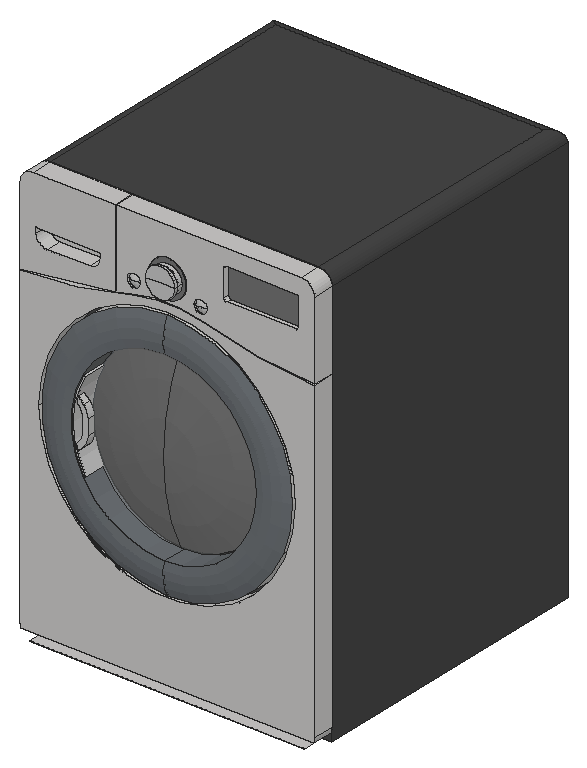
Revit family "M_Secadora-carga frontal", category Equipamento especial, Revit 2019
Family settings
  Cota do conector redondo = Utilizar diâmetro
  Tipo de parte = Normal
  Número OmniClass = 23.45.70.11.11
  Título OmniClass = Residential Laundry Equipment
  Com base no plano de trabalho = Não
  Sempre na vertical = Sim
  Corte com vazios quando carregada = Não
  Compartilhado = Não
  Ponto de cálculo do ambiente = Não
Parameters (values of type "700mm")
  Painel = Eletrodoméstico – Painel
  Janela da porta = Eletrodoméstico – Policarbonato
  Largura da porta = Largura / 2 - 5 mm  # 345 mm
  Largura = 700 mm
  Deslocamento de parede = 100 mm
  Voltagem = 240 V
  Mostrar legenda = yes
  Consumo de energia = 1000 VA
  Legenda = "Secadora"
  Altura = 980 mm
  Moldura da porta = Eletrodoméstico – Moldura da porta
  Descrição = "Secadora de carga frontal"
  Linear = 750 mm
  Controles = Eletrodoméstico – Controles
  Deslocamento base do nível = 20 mm
  Código de montagem = "E1090320"
  Acabamento do eletrodoméstico = Eletrodoméstico – Aço inoxidável
  Corpo do eletrodoméstico = Eletrodoméstico – Aço – Preto
  Amperagem = Consumo de energia / Voltagem  # 4.16667 A
Types (2, lengths in mm): name | Deslocamento base do nível
  700mm | 20
  700 mm com pedestal | 350
Reference planes
  plane 1 "Parte posterior": y = 0
  plane 2: z = 0
  plane 3 "Centro (Esquerda/Direita)": x = 0
  plane 4 "Esquerda": x = -350
  plane 5 "Direita": x = 350
  plane 6: y = -100
  plane 7 "Parte frontal": y = -850
  plane 8 "Traseira da porta": y = -799.2
  plane 9 "Porta B.O.": z = 20
  plane 10 "Superior": z = 1000
  plane 11: y = -1377.05
  plane 12 "Tambor CL": z = 510
  plane 13 "Controles": z = 885.7
  plane 14 "Botões": z = 853.95
  plane 15: x = -220.662
Forms (mm)
  Extrusion 1, solid, material "Eletrodoméstico – Aço – Preto" <- "Corpo do eletrodoméstico"
    sketch origin (0, 0, 0) x (1, 0, 0) y (0, 1, 0)
      loop
        line (-350, -100) -> (-350, -799.2) -> (350, -799.2) -> (350, -100) -> (-350, -100)
    from 0 to 1000
  Extrusion 2, solid, material "Eletrodoméstico – Aço inoxidável" <- "Acabamento do eletrodoméstico"
    sketch origin (0, -850, 0) x (-1, 0, 0) y (0, 0, 1)
      loop
        line (318.25, 1000) -> (-318.25, 1000)
        arc (-318.25, 1000) -> (-340.701, 990.701) -> (-350, 968.25) r 31.75
        line (-350, 968.25) -> (-350, 784.627)
        arc (-350, 784.627) -> (-216.762, 796.634) -> (-85.86, 824.231) r 1135.303
        arc (-85.86, 824.231) -> (0, 835.75) -> (85.86, 824.231) r 325.75
        arc (85.86, 824.231) -> (216.762, 796.634) -> (350, 784.627) r 1135.303
        line (350, 784.627) -> (350, 968.25)
        arc (350, 968.25) -> (340.701, 990.701) -> (318.25, 1000) r 31.75
      loop
        line (350, 31.75) -> (350, 781.451)
        arc (350, 781.451) -> (216.339, 793.487) -> (85.024, 821.168) r 1138.478
        arc (85.024, 821.168) -> (0, 832.575) -> (-85.024, 821.168) r 322.575
        arc (-85.024, 821.168) -> (-216.339, 793.487) -> (-350, 781.451) r 1138.478
        line (-350, 781.451) -> (-350, 31.75)
        arc (-350, 31.75) -> (-340.701, 9.299) -> (-318.25, 0) r 31.75
        line (-318.25, 0) -> (318.25, 0)
        arc (318.25, 0) -> (340.701, 9.299) -> (350, 31.75) r 31.75
      loop
        circle (0, 510) r 304.8
      loop
        circle (79.375, 853.95) r 15.875
      loop
        circle (-79.375, 853.95) r 15.875
    from 0 to 50.8
  Revolve 3, solid, material "Eletrodoméstico – Moldura da porta" <- "Moldura da porta", detail levels medium+fine
    sketch origin (0, 7.25, 0) x (0, 1, 0) y (0, 0, 1)
      loop
        line (-806.45, 808.45) -> (-857.25, 808.45)
        arc (-857.25, 808.45) -> (-869.605, 770.316) -> (-867.43, 730.289) r 109.668
        line (-867.43, 730.289) -> (-806.45, 730.289) -> (-806.45, 808.45)
      axis (-806.45, 510) -> (-867.43, 510)
    angle from 0 to 360
  Revolve 4, solid, material "Eletrodoméstico – Policarbonato" <- "Janela da porta", detail levels medium+fine
    sketch origin (0, 0, 0) x (0, 1, 0) y (0, 0, 1)
      loop
        line (-799.2, 728.909) -> (-806.541, 728.909)
        arc (-806.541, 728.909) -> (-846.575, 622.692) -> (-860.18, 510) r 473.513
        line (-860.18, 510) -> (-799.2, 510) -> (-799.2, 728.909)
      axis (-799.2, 510) -> (-860.18, 510)
    angle from 0 to 360
  Extrusion 5, void
    sketch origin (0, -850, 0) x (-1, 0, 0) y (0, 0, 1)
      loop
        line (311.9, 885.7) -> (159.5, 885.7) -> (159.5, 873)
        arc (159.5, 873) -> (166.939, 855.039) -> (184.9, 847.6) r 25.4
        line (184.9, 847.6) -> (286.5, 847.6)
        arc (286.5, 847.6) -> (304.461, 855.039) -> (311.9, 873) r 25.4
        line (311.9, 873) -> (311.9, 885.7)
    from 0 to 38.1
  Extrusion 6, void
    sketch origin (0, -850, 0) x (-1, 0, 0) y (0, 0, 1)
      loop
        line (123.552, 1000) -> (121.964, 1000) -> (121.964, 814.252) -> (123.552, 814.252) -> (123.552, 1000)
    from 0 to 50.8
  Extrusion 7, void
    sketch origin (0, -850, 0) x (-1, 0, 0) y (0, 0, 1)
      loop
        arc (-140.45, 885.7) -> (-135.96, 887.56) -> (-134.1, 892.05) r 6.35
        line (-134.1, 892.05) -> (-134.1, 955.55)
        arc (-134.1, 955.55) -> (-135.96, 960.04) -> (-140.45, 961.9) r 6.35
        line (-140.45, 961.9) -> (-305.55, 961.9)
        arc (-305.55, 961.9) -> (-310.04, 960.04) -> (-311.9, 955.55) r 6.35
        line (-311.9, 955.55) -> (-311.9, 892.05)
        arc (-311.9, 892.05) -> (-310.04, 887.56) -> (-305.55, 885.7) r 6.35
        line (-305.55, 885.7) -> (-140.45, 885.7)
    from 0 to 12.7
  Revolve 8, solid, material "Eletrodoméstico – Controles" <- "Controles", detail levels fine
    sketch origin (0, 0, 885.7) x (-1, 0, 0) y (0, -1, 0)
      loop
        line (0, 843.65) -> (33.337, 843.65) -> (33.337, 861.57) -> (31.75, 861.57) -> (31.75, 864.745) -> (34.925, 864.745) -> (34.925, 871.095) -> (0, 871.095) -> (0, 843.65)
      axis (0, 843.65) -> (0, 871.095)
    angle from 0 to 360
  Revolve 9, solid, material "Eletrodoméstico – Controles" <- "Controles", detail levels fine
    sketch origin (0, 0, 853.95) x (-1, 0, 0) y (0, -1, 0)
      loop
        line (79.375, 846.006) -> (95.25, 846.006)
        arc (95.25, 846.006) -> (87.825, 850.462) -> (79.375, 852.356) r 27.181
        line (79.375, 852.356) -> (79.375, 846.006)
      axis (79.375, 852.356) -> (79.375, 846.006)
    angle from 0 to 360
  Revolve 10, solid, material "Eletrodoméstico – Controles" <- "Controles", detail levels fine
    sketch origin (158.75, 0, 853.95) x (-1, 0, 0) y (0, -1, 0)
      loop
        line (79.375, 846.006) -> (95.25, 846.006)
        arc (95.25, 846.006) -> (87.825, 850.462) -> (79.375, 852.356) r 27.181
        line (79.375, 852.356) -> (79.375, 846.006)
      axis (79.375, 852.356) -> (79.375, 846.006)
    angle from 0 to 360
  Extrusion 11, solid, material "Eletrodoméstico – Controles" <- "Controles", detail levels fine
    sketch origin (0, -850, 0) x (-1, 0, 0) y (0, 0, 1)
      loop
        arc (208.97, 556.882) -> (207.368, 563.524) -> (205.555, 570.112) r 214.164
        line (205.555, 570.112) -> (190.784, 555.342)
        arc (190.784, 555.342) -> (182.525, 542.981) -> (179.625, 528.401) r 38.1
        line (179.625, 528.401) -> (179.625, 492.491)
        arc (179.625, 492.491) -> (182.525, 477.911) -> (190.784, 465.55) r 38.1
        line (190.784, 465.55) -> (205.756, 450.579)
        arc (205.756, 450.579) -> (207.552, 457.194) -> (209.135, 463.862) r 214.164
        line (209.135, 463.862) -> (203.484, 470.811)
        arc (203.484, 470.811) -> (195.225, 483.171) -> (192.325, 497.752) r 38.1
        line (192.325, 497.752) -> (192.325, 523.14)
        arc (192.325, 523.14) -> (195.225, 537.72) -> (203.484, 550.081) r 38.1
        line (203.484, 550.081) -> (208.97, 556.882)
    from -10.18 to 6.588
  Extrusion 12, solid, material "Eletrodoméstico – Painel", detail levels fine
    sketch origin (0, -850, 0) x (-1, 0, 0) y (0, 0, 1)
      loop
        circle (0, 885.7) r 44.45
    from 0 to 50.8
  Extrusion 13, void
    sketch origin (0, 0, 0) x (0, 1, 0) y (0, 0, 1)
      loop
        line (-799.2, 20) -> (-850, 20) -> (-850, 0.95) -> (-799.2, 0.95) -> (-799.2, 20)
    from -350 to 350
  Sweep 14, void
    path in 3D
      loop
        line (350, -799.2, 1000) -> (350, -100, 1000) -> (-350, -100, 1000) -> (-350, -799.2, 1000)
    profile origin (-350, -449.6, 1000) x (1, 0, 0) y (0, 0, 1)
      loop
        line (0, 0) -> (0, -31.75)
        arc (0, -31.75) -> (9.299, -9.299) -> (31.75, 0) r 31.75
        line (31.75, 0) -> (0, 0)
  Extrusion 15, solid, material "Eletrodoméstico – Controles" <- "Controles", detail levels fine
    sketch origin (15.875, -850, 0) x (1, 0, 0) y (0, 0, -1)
      loop
        line (-206.651, -620.144) -> (-201.346, -617.082)
        arc (-201.346, -617.082) -> (-230.039, -510) -> (-201.346, -402.918) r 214.164
        line (-201.346, -402.918) -> (-206.651, -399.856)
        arc (-206.651, -399.856) -> (-236.164, -510) -> (-206.651, -620.144) r 220.289
    from -10.18 to 43.459
  Extrusion 16, solid, not visible
    sketch origin (0, -850, 0) x (-1, 0, 0) y (0, 0, 1)
      loop
        circle (-227.273, 114.132) r 25.4
    from 724.475 to 750
  Extrusion 17, void
    sketch origin (0, -850, 0) x (-1, 0, 0) y (0, 0, 1)
      loop
        circle (0, 885.7) r 44.45
    from 0 to 50.8
Cuts and joins
  Extrusion 5, Extrusion 6, Extrusion 7, Extrusion 13, Extrusion 17 cuts Extrusion 2
  Extrusion 13, Sweep 14 cuts Extrusion 1
Lines and regions (mm)
  Split face 1
    outline origin (-350, -100, 0) x (1, 0, 0) y (0, 0, -1)
      loop
        circle (547.6, -812.675) r 50.8
  Masking region 1
    outline origin (0, 0, 853.95) x (-1, 0, 0) y (0, -1, 0)
      loop
        line (350, 100) -> (350, 850) -> (-350, 850) -> (-350, 100) -> (350, 100)
  symbolic lines, style "Eletrodomésticos"
    curve 1: line (-350, -850, 0) -> (-350, -100, 0)
    curve 2: line (350, -850, 0) -> (-350, -850, 0)
    curve 3: line (350, -100, 0) -> (350, -850, 0)
    curve 4: line (-350, -100, 0) -> (350, -100, 0)
  sketch lines
    curve 5: line (-350, -100, 1000) -> (-350, -799.2, 1000)
    curve 6: line (350, -100, 1000) -> (-350, -100, 1000)
    curve 7: line (350, -799.2, 1000) -> (350, -100, 1000)
  symbolic lines, style "Eletrodomésticos – Giro da planta", detail levels medium+fine
    curve 8: arc (228.6, -1377.05, 853.95) -> (-144.081, -1222.681, 853.95) -> (-298.45, -850, 853.95) r 527.05
    curve 9: line (298.45, -850, 853.95) -> (298.45, -1377.05, 853.95)
    curve 10: line (298.45, -1377.05, 853.95) -> (228.6, -1377.05, 853.95)
  reference lines
    curve 11: line (0, -850, 510) -> (-190.776, -850, 620.144)
    curve 12: line (0, -850, 510) -> (-190.776, -850, 399.856)
Dimensions and locks
  equal spacing: plane 4 "Esquerda", plane 3 "Centro (Esquerda/Direita)", plane 5 "Direita"
  "Largura": plane 4 "Esquerda" to plane 5 "Direita"
  "Linear": plane 6 to plane 7 "Parte frontal"
  "Deslocamento de parede": plane 1 "Parte posterior" to plane 6
  "Altura": plane 10 "Superior" to plane 9 "Porta B.O."
  "Deslocamento base do nível": plane 9 "Porta B.O." to level
  locked: plane 8 "Traseira da porta" to plane 7 "Parte frontal" at 50.8
  locked: plane 5 "Direita" to Split face 1 sketch curve at 152.4
  equal spacing: plane 6, nested 1, plane 8 "Traseira da porta"
  locked: plane 7 "Parte frontal" to plane 11 at 527.05
  Extrusion 2 sketch curve to Extrusion 2 sketch curve to plane 12 "Tambor CL" = 3.177 mm locked, 271.451 mm locked  (x2)
  equal spacing: plane 10 "Superior", plane 12 "Tambor CL", plane 9 "Porta B.O."
  plane 12 "Tambor CL" to Revolve 3 sketch curve to Revolve 3 sketch curve = 220.289 mm, 78.161 mm locked
  locked: plane 10 "Superior" to plane 13 "Controles" at 114.3
  plane 5 "Direita" to Extrusion 7 sketch curve to Extrusion 7 sketch curve = 38.1 mm locked, 177.8 mm locked
  locked: Extrusion 7 sketch curve to plane 13 "Controles" at 76.2
  Revolve 8 sketch curve to Revolve 8 sketch curve to Revolve 8 sketch curve to plane 3 "Centro (Esquerda/Direita)" = 1.588 mm locked, 1.587 mm locked, 31.75 mm locked
  Revolve 8 sketch curve to Revolve 8 sketch curve to Revolve 8 sketch curve to plane 7 "Parte frontal" to Revolve 8 sketch curve = 6.35 mm locked, 3.175 mm locked, 11.57 mm, 6.35 mm locked
  Extrusion 5 sketch curve to Extrusion 5 sketch curve to plane 4 "Esquerda" = 152.4 mm locked, 38.1 mm locked
  locked: plane 13 "Controles" to cut or joined group of Extrusion 2, Extrusion 5, Extrusion 6, Extrusion 7, Extrusion 13, Extrusion 17 at 38.1
  locked: plane 13 "Controles" to plane 14 "Botões" at 31.75
  Extrusion 2 sketch curve to plane 3 "Centro (Esquerda/Direita)" to Extrusion 2 sketch curve = 79.375 mm locked, 79.375 mm locked
  locked: Revolve 9 sketch curve to plane 3 "Centro (Esquerda/Direita)" at 79.375
  locked: plane 3 "Centro (Esquerda/Direita)" to Revolve 10 sketch curve at 79.375
  Extrusion 11 to plane 7 "Parte frontal" to Extrusion 11 = 6.588 mm locked, 10.18 mm locked
  locked: plane 9 "Porta B.O." to Extrusion 13 sketch curve at 19.05
  locked: Extrusion 6 sketch curve to plane 12 "Tambor CL" at 304.252
  locked: Extrusion 6 sketch curve to plane 4 "Esquerda" at 226.448
  locked: Extrusion 6 sketch curve to Extrusion 6 sketch curve at 1.587
  locked: plane 3 "Centro (Esquerda/Direita)" to plane 15 at 220.663
  locked: Extrusion 11 sketch curve to plane 15 at 28.337
  locked: Extrusion 11 sketch curve to Extrusion 11 sketch curve at 12.7
  locked: plane 3 "Centro (Esquerda/Direita)" to curve 9 at 298.45
  locked: curve 10 to curve 9 at 69.85
  locked: Extrusion 16 sketch curve to plane 2 at 114.132
  locked: plane 5 "Direita" to Extrusion 16 sketch curve at 122.727
  locked: Extrusion 16 to plane 6 at 25.525
  radius of Extrusion 2 sketch curve = 31.75 mm  (x2)
  radius of Extrusion 16 sketch curve = 25.4 mm
  locked: curve 11 to plane 12 "Tambor CL" (angle 30.00°)
  locked: plane 12 "Tambor CL" to curve 12 (angle 30.00°)
  aligned and locked: plane 2 to level
  aligned and locked: Extrusion 1 sketch curve to plane 6
  aligned and locked: plane 4 "Esquerda" to Extrusion 1 sketch curve
  aligned and locked: plane 8 "Traseira da porta" to Extrusion 1 sketch curve
  aligned and locked: Extrusion 1 sketch curve to plane 5 "Direita"
  aligned and locked: plane 4 "Esquerda" to Extrusion 2 sketch curve  (x2)
  aligned and locked: Extrusion 2 sketch curve to plane 5 "Direita"
  aligned and locked: plane 3 "Centro (Esquerda/Direita)" to nested 1
  aligned and locked: Extrusion 2 sketch curve to plane 10 "Superior"
  aligned and locked: plane 10 "Superior" to Extrusion 1
  aligned and locked: plane 8 "Traseira da porta" to Extrusion 2
  aligned and locked: plane 5 "Direita" to Extrusion 2 sketch curve
  aligned and locked: plane 12 "Tambor CL" to Extrusion 2 sketch curve  (x2)
  aligned and locked: Revolve 3 sketch curve to plane 12 "Tambor CL"
  aligned and locked: plane 8 "Traseira da porta" to Revolve 4 sketch curve
  aligned and locked: Revolve 4 sketch curve to plane 12 "Tambor CL"
  aligned and locked: Extrusion 7 sketch curve to plane 13 "Controles"
  aligned and locked: Revolve 8 sketch curve to plane 3 "Centro (Esquerda/Direita)"
  aligned and locked: plane 10 "Superior" to Extrusion 6 sketch curve
  aligned and locked: plane 14 "Botões" to Extrusion 2 sketch curve  (x2)
  aligned and locked: Revolve 3 to Extrusion 11
  aligned and locked: plane 8 "Traseira da porta" to Extrusion 12
  aligned and locked: plane 4 "Esquerda" to Masking region 1 sketch curve
  aligned and locked: Masking region 1 sketch curve to plane 6
  aligned and locked: Masking region 1 sketch curve to plane 5 "Direita"
  aligned and locked: plane 7 "Parte frontal" to Masking region 1 sketch curve
  aligned and locked: Extrusion 1 to level
  aligned and locked: Extrusion 2 sketch curve to level
  aligned and locked: Extrusion 13 sketch curve to plane 9 "Porta B.O."
  aligned and locked: Extrusion 13 sketch curve to plane 8 "Traseira da porta"
  aligned and locked: plane 7 "Parte frontal" to Extrusion 13 sketch curve
  aligned and locked: plane 5 "Direita" to Extrusion 13
  aligned and locked: Extrusion 13 to plane 4 "Esquerda"
  aligned and locked: plane 10 "Superior" to Sweep 14 sketch curve
  aligned and locked: Sweep 14 sketch curve to plane 4 "Esquerda"
  aligned and locked: plane 12 "Tambor CL" to Extrusion 15 sketch curve
  aligned and locked: plane 3 "Centro (Esquerda/Direita)" to Extrusion 15 sketch curve
  aligned and locked: plane 12 "Tambor CL" to curve 11
  aligned and locked: plane 3 "Centro (Esquerda/Direita)" to curve 12
  aligned and locked: Extrusion 15 sketch curve to curve 11
  aligned and locked: Extrusion 15 sketch curve to curve 12
  aligned and locked: Extrusion 11 sketch curve to Extrusion 15
  aligned and locked: curve 9 to curve 10
  aligned and locked: plane 7 "Parte frontal" to curve 8
  aligned and locked: plane 11 to curve 10
  aligned and locked: plane 7 "Parte frontal" to curve 9
  aligned and locked: plane 6 to Extrusion 16
  aligned and locked: Extrusion 17 sketch curve to Extrusion 12  (x2)
  aligned and locked: Extrusion 12 to plane 7 "Parte frontal"
  aligned and locked: Extrusion 17 to plane 7 "Parte frontal"
  aligned and locked: plane 8 "Traseira da porta" to Extrusion 17
Automatic sketch dimensions
  curve 1 to plane 4 "Esquerda" = 0 mm
  curve 3 to plane 5 "Direita" = 0 mm
  curve 3 to plane 7 "Parte frontal" = 0 mm
  curve 3 to plane 6 = 0 mm
  Split face 1 sketch curve to Extrusion 1 = 187.325 mm
  Extrusion 2 sketch curve to Extrusion 2 sketch curve = 0 mm  (x10)
  Extrusion 2 sketch curve to plane 3 "Centro (Esquerda/Direita)" = 0 mm
  plane 5 "Direita" to Extrusion 2 sketch curve = 35.101 mm
  Extrusion 2 sketch curve to Extrusion 2 sketch curve = 31.75 mm
  plane 4 "Esquerda" to Extrusion 2 sketch curve = 31.75 mm
  Extrusion 2 sketch curve to plane 4 "Esquerda" = 35.101 mm
  plane 10 "Superior" to Extrusion 2 sketch curve = 919.388 mm
  Revolve 3 sketch curve to plane 7 "Parte frontal" = 0 mm
  Revolve 3 sketch curve to plane 8 "Traseira da porta" = 0 mm
  Revolve 3 sketch curve to plane 7 "Parte frontal" = 10.18 mm
  plane 8 "Traseira da porta" to Revolve 3 sketch curve = 45.595 mm
  Revolve 3 sketch curve to plane 11 = 1170.641 mm
  Revolve 3 sketch curve to plane 1 "Parte posterior" = 2097.409 mm
  Revolve 4 sketch curve to plane 12 "Tambor CL" = 0 mm
  Revolve 4 sketch curve to plane 8 "Traseira da porta" = 7.341 mm
  Revolve 4 sketch curve to plane 7 "Parte frontal" = 10.18 mm
  Revolve 4 sketch curve to plane 6 = 286.668 mm
  Revolve 4 sketch curve to plane 11 = 1170.641 mm
  Revolve 4 sketch curve to plane 1 "Parte posterior" = 2097.409 mm
  Extrusion 5 sketch curve to plane 13 "Controles" = 0 mm
  Extrusion 5 sketch curve to plane 13 "Controles" = 12.7 mm
  Extrusion 5 sketch curve to Extrusion 5 sketch curve = 25.4 mm  (x2)
  Extrusion 7 sketch curve to Extrusion 7 sketch curve = 6.35 mm  (x4)
  Revolve 8 sketch curve to plane 3 "Centro (Esquerda/Direita)" = 0 mm
  Revolve 8 sketch curve to plane 1 "Parte posterior" = 1524 mm
  Revolve 8 sketch curve to plane 11 = 139.7 mm
  Revolve 9 sketch curve to plane 7 "Parte frontal" = 2.356 mm
  Revolve 9 sketch curve to Revolve 9 sketch curve = 0 mm
  Revolve 9 sketch curve to Revolve 9 sketch curve = 1.645 mm
  plane 7 "Parte frontal" to Revolve 9 sketch curve = 3.994 mm
  Revolve 9 sketch curve to Revolve 9 sketch curve = 15.875 mm
  plane 8 "Traseira da porta" to Revolve 9 sketch curve = 27.835 mm
  Revolve 9 sketch curve to Revolve 9 sketch curve = 52.359 mm
  Revolve 10 sketch curve to plane 7 "Parte frontal" = 2.356 mm
  Revolve 10 sketch curve to Revolve 10 sketch curve = 0 mm
  Revolve 10 sketch curve to Revolve 10 sketch curve = 1.645 mm
  plane 7 "Parte frontal" to Revolve 10 sketch curve = 3.994 mm
  Revolve 10 sketch curve to Revolve 10 sketch curve = 15.875 mm
  plane 8 "Traseira da porta" to Revolve 10 sketch curve = 27.835 mm
  Revolve 10 sketch curve to Revolve 10 sketch curve = 52.359 mm
  Extrusion 12 sketch curve to plane 3 "Centro (Esquerda/Direita)" = 0 mm
  Extrusion 12 sketch curve to plane 13 "Controles" = 0 mm
  Sweep 14 sketch curve to profile plane = 31.75 mm
  Extrusion 15 sketch curve to Extrusion 15 sketch curve = 0 mm  (x2)
  Extrusion 15 sketch curve to Extrusion 15 sketch curve = 3.062 mm
  Extrusion 15 sketch curve to plane 15 = 29.887 mm
  Extrusion 11 sketch curve to Extrusion 11 sketch curve = 0 mm
  Extrusion 11 sketch curve to plane 12 "Tambor CL" = 0 mm
  Extrusion 11 sketch curve to Extrusion 11 sketch curve = 11.159 mm  (x2)
  Extrusion 11 sketch curve to Extrusion 11 sketch curve = 12.7 mm
  plane 15 to Extrusion 11 sketch curve = 15.108 mm
  Extrusion 11 sketch curve to Extrusion 11 sketch curve = 5.485 mm
  Extrusion 11 sketch curve to Extrusion 11 sketch curve = 5.651 mm
  plane 15 to Extrusion 11 sketch curve = 2.937 mm  (x2)
  Extrusion 11 sketch curve to plane 15 = 9.763 mm  (x2)
  Extrusion 11 sketch curve to plane 12 "Tambor CL" = 12.248 mm
  Extrusion 11 sketch curve to Extrusion 11 sketch curve = 5.261 mm  (x2)
  Extrusion 11 sketch curve to Extrusion 11 sketch curve = 6.949 mm
  plane 12 "Tambor CL" to Extrusion 11 sketch curve = 13.14 mm
  Extrusion 11 sketch curve to Extrusion 11 sketch curve = 6.801 mm
  plane 15 to Extrusion 11 sketch curve = 14.907 mm
  radius of Split face 1 sketch curve = 50.8 mm
  radius of Extrusion 2 sketch curve = 304.8 mm
  radius of Extrusion 2 sketch curve = 15.875 mm  (x2)
  radius of Extrusion 12 sketch curve = 44.45 mm
Nested families
  nested 1: "Anotação de legenda de 2,5" at (0, -449.6, 0), visible <- "Mostrar legenda", type "Anotação de legenda de 2,5"
Connectors
  electrical at (197.6, -100, 812.675), driven by "Voltagem", driven by "Consumo de energia"
    settings: on Extrusion 1, index 1, voltage 240 V, apparent load 1000 VA, apparent load phase1 0 VA, apparent load phase2 0 VA, apparent load phase3 0 VA, power factor 1, load classification "Eletrodoméstico", number of poles 2, system type 30, power factor state 1, is connector primary yes, connector utility no, sub classification motor no, connector description "Potência da secadora"
  hvac at (227.273, -100, 114.132)
    settings: on Extrusion 16, index 2, duct flow 0.0 L/s, flow factor 0, pres drop 0.0 Pa, loss coef 0, conn angle 0.00°, conn width 304.8 mm, conn height 304.8 mm, conn diameter 152.4 mm, duct sys type 3, conn prof type 0, flow config 1, flow direction 2, loss method 0, conn ref index -1, conn util no, is conn primary yes, conn desc "Ventilação da secadora"
Definition of nested family "Anotação de legenda de 2,5"
  Parameters
    Legenda = "Congelador 36 LH"
  Reference planes
    plane 1: y = 0
    plane 2: x = 0
  Text (mm)
    label "Legenda" at (0.095, -0.088, 0), shows "Legenda"
